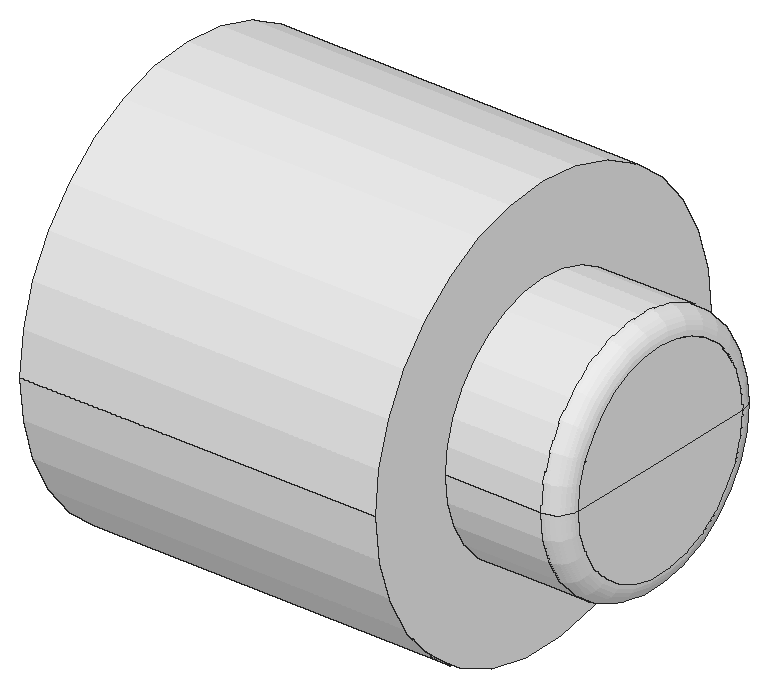
Revit family "VENTS-VKO1", category Mechanical Equipment, Revit 2019
Family settings
  Round Connector Dimension = Use Diameter
  Classification = None
  Part Type = Breaks Into
  OmniClass Number = 23.75.35.17.11
  OmniClass Title = Fans for Air Ductwork
  Work Plane-Based = No
  Always vertical = Yes
  Cut with Voids When Loaded = No
  Shared = No
  Room Calculation Point = No
Parameters (values of type "100 VKO1")
  sFl = 2 mm  # constant formula
  gsD = L * 0.8  # 68 mm
  dFl = 23 mm
  Weight = 0.41 kg
  Voltage = 230 V
  URL = "https://ventilation-system.com/product/vents-100-vko1"
  Type Comments = "Inline axial fan 100 VKO1"
  Transported Air Temperature (°C) = "+1...+40"
  RPM (min-1) = 2300
  Protection rating = "IPX4"
  Power Factor = 1
  Power = 14 W
  Number of Poles = 1
  Noise Level at 3 m (dBa) = 36
  Model = "100 VKO1"
  Maximum Air Flow = 107 m³/h
  Manufacturer = "Vents"
  Maintenance Zone Width = 400 mm
  Maintenance Zone Material = Maintenance Zone
  Maintenance Zone Length = 400 mm
  Maintenance Zone Height = 600 mm
  Maintenance Zone [instance] = no
  Load Classification = HVAC
  L1 = 28 mm
  L = 85 mm
  Flow direction symbol [instance] = yes
  Flow Factor [instance] = 1  # constant formula
  Family Version = "1.0"  # constant formula
  Description = "Inline axial fan for round ducts"
  D1 = 59 mm
  Current = 0.085 A
  Copyright = "©Vents"
  Connection Diameter = 100 mm
  Casing Material = Plastic White Glazed
  D = 100 mm
  Apparent Power = Power / Power Factor  # 14 VA
  Air Flow [instance] = 0 m³/h
Types (3, lengths in mm): name | gsD | Weight | URL | Type Comments | RPM (min-1) | Power | Noise Level at 3 m (dBa) | Model | Maximum Air Flow | L | Current | Connection Diameter | D | Apparent Power
  100 VKO1 | 68 | 0.41 kg | "https://ventilation-system.com/product/vents-100-vko1" | "Inline axial fan 100 VKO1" | 2300 | 14 W | 36 | "100 VKO1" | 107 m³/h | 85 | 0.085 A | 100 | 100 | 14 VA
  125 VKO1 | 72 | 0.43 kg | "https://ventilation-system.com/product/vents-125-vko1" | "Inline axial fan 125 VKO1" | 2400 | 16 W | 38 | "125 VKO1" | 190 m³/h | 90 | 0.1 A | 125 | 125 | 16 VA
  150 VKO1 | 80 | 0.80 kg | "https://ventilation-system.com/product/vents-150-vko1" | "Inline axial fan 150 VKO1" | 2400 | 29 W | 40 | "150 VKO1" | 305 m³/h | 100 | 0.13 A | 150 | 150 | 29 VA
Reference planes
  plane 1 "Center (Front/Back)": y = 0
  plane 2: z = 0
  plane 3 "Center (Left/Right)": x = 0
  plane 4 "Right": x = 85
  plane 5: y = 50
  plane 6 "ElCon": y = -50
  plane 7 "Top": z = 50
  plane 8 "GraphicSymbolL": x = 42.5
  plane 9 "Bottom": z = -50
  plane 10 "Center L/CC": x = 113
  plane 11: y = 29.5
  plane 12: y = -29.5
Forms (mm)
  Extrusion 1, solid, material "Plastic White Glazed" <- "Casing Material", detail levels medium+fine
    sketch origin (0, 0, 0) x (0, 1, 0) y (0, 0, 1)
      loop
        circle (0, 0) r 50
    from 0 to 85
  Revolve 2, solid, material "Plastic White Glazed" <- "Casing Material", detail levels medium+fine
    sketch origin (0, 0, 0) x (1, 0, 0) y (0, 1, 0)
      loop
        line (85, 29.5) -> (85, 0) -> (113, 0) -> (113, 24.5)
        arc (113, 24.5) -> (111.536, 28.036) -> (108, 29.5) r 5
        line (108, 29.5) -> (85, 29.5)
      axis (85, 0) -> (113, 0)
    angle from 0 to 360
Lines and regions (mm)
  model lines, detail levels coarse
    curve 1: line (0, 50, 0) -> (85, 50, 0)
    curve 2: line (0, -50, 0) -> (0, 50, 0)
    curve 3: line (85, -50, 0) -> (0, -50, 0)
    curve 4: line (85, 50, 0) -> (85, -50, 0)
  reference lines
    curve 5: line (42.5, 0, 0) -> (42.5, 0, -50)
Dimensions and locks
  "L": plane 3 "Center (Left/Right)" to plane 4 "Right"
  equal spacing: plane 5, plane 1 "Center (Front/Back)", plane 6 "ElCon"
  "D": plane 5 to plane 6 "ElCon"
  equal spacing: plane 3 "Center (Left/Right)", plane 8 "GraphicSymbolL", plane 4 "Right"
  equal spacing: plane 7 "Top", level, plane 9 "Bottom"
  "D": plane 7 "Top" to plane 9 "Bottom"
  equal spacing: plane 11, plane 1 "Center (Front/Back)", plane 12
  "D1": plane 11 to plane 12
  "L1": plane 4 "Right" to plane 10 "Center L/CC"
  "D": diameter of Extrusion 1 sketch curve
  aligned and locked: level to plane 2
  aligned and locked: plane 8 "GraphicSymbolL" to nested 1
  aligned and locked: plane 1 "Center (Front/Back)" to nested 1
  aligned and locked: plane 8 "GraphicSymbolL" to nested 2
  aligned and locked: plane 2 to nested 2
  aligned and locked: plane 1 "Center (Front/Back)" to nested 3
  aligned and locked: plane 8 "GraphicSymbolL" to nested 3
  aligned and locked: Extrusion 1 to plane 3 "Center (Left/Right)"
  aligned and locked: plane 1 "Center (Front/Back)" to nested 4
  aligned and locked: plane 8 "GraphicSymbolL" to nested 4
  aligned and locked: plane 2 to curve 5
  aligned and locked: plane 9 "Bottom" to curve 5
  aligned and locked: curve 5 to plane 8 "GraphicSymbolL"
  aligned and locked: plane 4 "Right" to Extrusion 1
  aligned and locked: plane 4 "Right" to Revolve 2 sketch curve
  aligned and locked: Revolve 2 sketch curve to plane 1 "Center (Front/Back)"
  aligned and locked: Revolve 2 sketch curve to plane 11
  aligned and locked: Revolve 2 sketch curve to Revolve 2 sketch curve
  aligned and locked: plane 10 "Center L/CC" to Revolve 2 sketch curve
Automatic sketch dimensions
  curve 3 to plane 3 "Center (Left/Right)" = 0 mm
  curve 3 to plane 4 "Right" = 0 mm
  curve 3 to plane 6 "ElCon" = 0 mm
  curve 2 to plane 5 = 0 mm
  Extrusion 1 sketch curve to level = 0 mm
  Extrusion 1 sketch curve to plane 1 "Center (Front/Back)" = 0 mm
  Revolve 2 sketch curve to plane 4 "Right" = 0 mm
  Revolve 2 sketch curve to plane 10 "Center L/CC" = 0 mm
  Revolve 2 sketch curve to plane 10 "Center L/CC" = 5 mm
Nested families
  nested 1: "GraphicalSymbol_Fun_FlowDirection" at (42.5, 0, 0), visible <- "Flow direction symbol", type "GraphicalSymbol_Fun_FlowDirection", detail levels medium+fine
    with Length 80 mm, Height 80 mm, B 40 mm, A 26.667 mm
  nested 2: "GraphicalSymbol_Fun_FlowDirection" at (42.5, 0, 0) x (1, 0, 0) z (0, 1, 0), visible <- "Flow direction symbol", type "GraphicalSymbol_Fun_FlowDirection", detail levels medium+fine
    with Length 80 mm, Height 80 mm, B 40 mm, A 26.667 mm
  nested 3: "GraphicalSymbol_Fan_2" at (42.5, 0, 0), type "GraphicalSymbol_Fan_2", detail levels coarse
    with Diameter 68 mm, B 32.64 mm, A 23.8 mm
  nested 4: "MaintenanceZone_Rect" at (42.5, 0, -50), visible <- "Maintenance Zone", type "MaintenanceZone_Rect", detail levels medium+fine
    with Maintenance Zone Width 400 mm, Maintenance Zone Length 400 mm, Maintenance Zone Height 600 mm
Connectors
  hvac at (0, 0, 0), driven by "Connection Diameter", driven by "Air Flow"
    settings: on Extrusion 1, index 1, duct flow 0 m³/h, flow factor 0, pres drop 0.0 Pa, loss coef 0, conn angle 0.00°, conn width 304.8 mm, conn height 304.8 mm, conn diameter 100 mm, duct sys type 29, conn prof type 0, flow config 0, flow direction 1, loss method 0, conn ref index 4, conn util no, is conn primary yes, conn desc ""
  electrical at (42.5, 0, -50), driven by "Number of Poles", driven by "Load Classification", driven by "Voltage", driven by "Apparent Power", driven by "Power Factor"
    settings: on curve 5, index 3, voltage 230 V, apparent load 14 VA, apparent load phase1 0 VA, apparent load phase2 0 VA, apparent load phase3 0 VA, power factor 1, load classification "HVAC", number of poles 1, system type 30, power factor state 1, is connector primary yes, connector utility no, sub classification motor no, connector description ""
  hvac at (85, 0, 0), driven by "Connection Diameter", driven by "Air Flow"
    settings: on Extrusion 1, index 4, duct flow 0 m³/h, flow factor 0, pres drop 0.0 Pa, loss coef 0, conn angle 0.00°, conn width 304.8 mm, conn height 304.8 mm, conn diameter 100 mm, duct sys type 28, conn prof type 0, flow config 0, flow direction 0, loss method 0, conn ref index 1, conn util no, is conn primary no, conn desc ""
Definition of nested family "MaintenanceZone_Rect"
  Parameters (values of type "MaintenanceZone_Rect")
    Maintenance Zone Width = 500 mm
    Material = none
    Maintenance Zone Length = 1000 mm
    Maintenance Zone Height = 300 mm
    Family Version = ""
    Default Elevation = 1219.2 mm
    Copyright = ""
  Reference planes
    plane 1 "Center (Front/Back)": y = 0
    plane 2: z = 0
    plane 3 "Center (Left/Right)": x = 0
    plane 4: x = -500
    plane 5: x = 500
    plane 6: y = 250
    plane 7: y = -250
    plane 8: z = -300
  Forms (mm)
    Extrusion 1, solid, material <- "Material", detail levels medium+fine
      sketch origin (0, 0, 0) x (1, 0, 0) y (0, 1, 0)
        loop
          line (-500, 250) -> (-500, -250) -> (500, -250) -> (500, 250) -> (-500, 250)
      from 0 to -300
  Lines and regions (mm)
    symbolic lines, detail levels medium+fine
      curve 1: line (-500, 0, 0) -> (500, 0, 0)
      curve 2: line (-500, 0, -300) -> (-500, 0, 0)
      curve 3: line (500, 0, -300) -> (-500, 0, -300)
      curve 4: line (500, 0, 0) -> (500, 0, -300)
      curve 5: line (0, 250, 0) -> (0, -250, 0)
      curve 6: line (0, 250, -300) -> (0, 250, 0)
      curve 7: line (0, -250, -300) -> (0, 250, -300)
      curve 8: line (0, -250, 0) -> (0, -250, -300)
      curve 9: line (-500, 250, 0) -> (500, 250, 0)
      curve 10: line (-500, -250, 0) -> (-500, 250, 0)
      curve 11: line (500, -250, 0) -> (-500, -250, 0)
      curve 12: line (500, 250, 0) -> (500, -250, 0)
  Dimensions and locks
    equal spacing: plane 6, plane 1 "Center (Front/Back)", plane 7
    equal spacing: plane 4, plane 3 "Center (Left/Right)", plane 5
    "Maintenance Zone Width": plane 6 to plane 7
    "Maintenance Zone Length": plane 4 to plane 5
    "Maintenance Zone Height": plane 2 to plane 8
    aligned and locked: level to plane 2
    aligned and locked: Extrusion 1 sketch curve to plane 6
    aligned and locked: plane 4 to Extrusion 1 sketch curve
    aligned and locked: plane 7 to Extrusion 1 sketch curve
    aligned and locked: Extrusion 1 sketch curve to plane 5
    aligned and locked: Extrusion 1 to plane 8
    aligned and locked: curve 1 to Extrusion 1
    aligned and locked: curve 2 to Extrusion 1
    aligned and locked: curve 3 to Extrusion 1
    aligned and locked: curve 4 to Extrusion 1
    aligned and locked: curve 5 to Extrusion 1
    aligned and locked: curve 6 to Extrusion 1
    aligned and locked: curve 7 to Extrusion 1
    aligned and locked: curve 8 to Extrusion 1
    aligned and locked: curve 9 to Extrusion 1
    aligned and locked: curve 10 to Extrusion 1
    aligned and locked: curve 11 to Extrusion 1
    aligned and locked: curve 12 to Extrusion 1
Definition of nested family "GraphicalSymbol_Fun_FlowDirection"
  Parameters (values of type "GraphicalSymbol_Fun_FlowDirection")
    Length = 100 mm
    Height = Length  # 100 mm
    B = Length / 2  # 50 mm
    A = Length / 3  # 33.333 mm
  Reference planes
    plane 1 "Center (Front/Back)": y = 0
    plane 2: z = 0
    plane 3 "Center (Left/Right)": x = 0
    plane 4: x = -33.333
    plane 5: x = 50
    plane 6: y = 50
    plane 7: y = -50
  Lines and regions (mm)
    detail lines, in view "Ref. Level"
      curve 1: line (-33.333, 50, 0) -> (-33.333, -50, 0)
      curve 2: line (50, 0, 0) -> (-33.333, -50, 0)
      curve 3: line (50, 0, 0) -> (-33.333, 50, 0)
  Dimensions and locks
    "A": plane 4 to plane 3 "Center (Left/Right)"
    "B": plane 3 "Center (Left/Right)" to plane 5
    equal spacing: plane 6, plane 1 "Center (Front/Back)", plane 7
    "Height": plane 6 to plane 7
    aligned and locked: curve 1 to plane 4
  Automatic sketch dimensions
    plane 1 "Center (Front/Back)" to curve 3 = 0 mm
    curve 3 to plane 5 = 0 mm
    curve 2 to plane 7 = 0 mm
    curve 3 to plane 6 = 0 mm
Definition of nested family "GraphicalSymbol_Fan_2"
  Parameters (values of type "GraphicalSymbol_Fan_2")
    Diameter = 100 mm
    Default Elevation = 1219.2 mm
    B = Diameter * 0.48  # 48 mm
    A = Diameter * 0.35  # 35 mm
  Reference planes
    plane 1 "Center (Front/Back)": y = 0
    plane 2: z = 0
    plane 3 "Center (Left/Right)": x = 0
    plane 4: x = -35
    plane 5: x = 48
  Lines and regions (mm)
    model lines
      curve 1: circle (0, 0, 0) r 50 normal (0, 0, 1)
      curve 4: line (-35, 35.707, 0) -> (48, 14, 0)
      curve 5: line (-35, -35.707, 0) -> (48, -14, 0)
    reference lines
      curve 2: line (50, 141.389, 0) -> (50, -158.611, 0)
      curve 3: line (-50, 141.389, 0) -> (-50, -158.611, 0)
  Dimensions and locks
    equal spacing: curve 3, plane 3 "Center (Left/Right)", curve 2
    "Diameter": curve 3 to curve 2
    "A": plane 4 to plane 3 "Center (Left/Right)"
    "B": plane 3 "Center (Left/Right)" to plane 5
    "Diameter": diameter of curve 1
    aligned and locked: level to plane 2
  Automatic sketch dimensions
    curve 4 to plane 4 = 0 mm
    curve 5 to plane 4 = 0 mm
    plane 1 "Center (Front/Back)" to curve 1 = 0 mm
    curve 1 to plane 3 "Center (Left/Right)" = 0 mm
    curve 5 to plane 5 = 0 mm
    curve 4 to plane 5 = 0 mm
    plane 1 "Center (Front/Back)" to curve 2 = 158.611 mm
    curve 3 to curve 2 = 0 mm  (x2)
    curve 3 to plane 1 "Center (Front/Back)" = 141.389 mm
